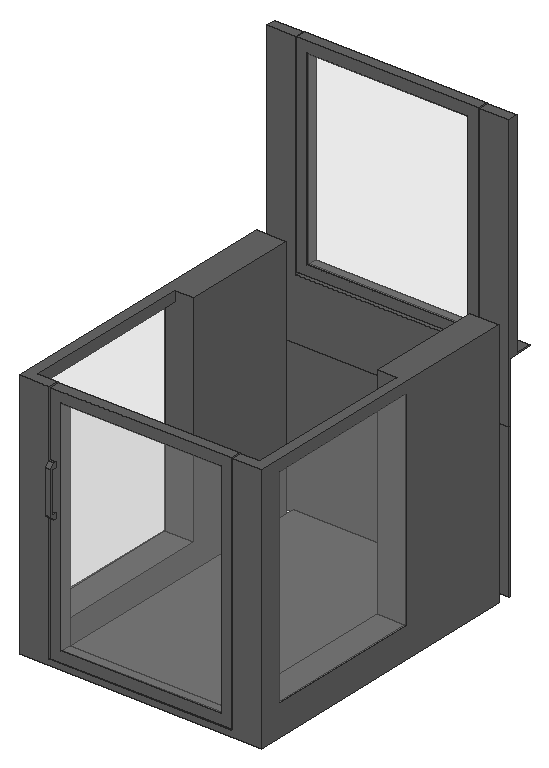
Revit family "Protege5442FG-Permanent-Upper-Landing-Gate", category Specialty Equipment, Revit 2026
Family settings
  Round Connector Dimension = Use Diameter
  Part Type = Normal
  Classification Number = 23.50.05.14.17.11
  Work Plane-Based = No
  Enable Cutting in Views = No
  Always vertical = Yes
  Cut with Voids When Loaded = No
  Maintain Annotation Orientation = No
  Shared = No
  Room Calculation Point = No
Parameters (values of type "5442FG")
  Voltage_MEP = 120 V
  UpperGateStandardHanding [instance] = yes
  UpperGateOpener [instance] = no
  URL = "http://www.wheelchairlift.com/"
  Travel [instance] = 3' - 6"
  Model = "Protege 5442FG"
  Manufacturer = "Ascension, a division of AGM"
  MEP Apparent Power = 1560 VA
  LowerGateStandardHanding [instance] = yes
  LowerGateOpener [instance] = no
  Powder Coat [instance] = Protege 5442 Powder Coat
  Description = "Vertical platform lift for persons with physical disabilities"
  Default Elevation = 0' - 0"
  Assembly Code = "D1010310"
Reference planes (in)
  plane 1 "Center (Front/Back)": y = 0
  plane 2: z = 0
  plane 3 "Center (Left/Right)": x = 0
  plane 4: x = -25.8125
  plane 5: x = 25.8125
  plane 6: y = 0
Forms (in)
  Extrusion 1, solid, material "Protege 5442 Powder Coat" <- "Powder Coat"
    sketch origin (0, 0, 25) x (1, 0, 0) y (0, 0, 1)
      loop
        line (23.8125, 5) -> (-23.8125, 5) -> (-23.8125, -25) -> (23.8125, -25) -> (23.8125, 5)
    from 0 to 0.125
Text (in)
  text "Where hand pump access is required, lift requires 12\" clearance on right side (as viewed standing outside lift at lower landing)." at (30.66733, -32.08142, 0), in view "Ref. Level"
  text "Reference planes show minimum operating clearances.  Lift requires 2\" clearance on each side and 2 1/2\" clearance at the upper landing end." at (30.66733, -3.73767, 0), in view "Ref. Level"
  text "Lower Landing" at (-13.32477, -69.1598, 0), in view "Ref. Level"
  text "Upper Landing" at (-13.32477, 14.29346, 0), in view "Ref. Level"
Dimensions and locks (in)
  "Travel": nested 1 to nested 2
  aligned and locked: level to plane 2
  aligned and locked: Extrusion 1 sketch curve to nested 1
Automatic sketch dimensions
  Extrusion 1 sketch curve to level = 0' - 0"
  Extrusion 1 sketch curve to plane 4 = 0' - 2"
  plane 5 to Extrusion 1 sketch curve = 0' - 2"
Nested families (in)
  nested 1: "20190823 Protege_ULG" at (0, -0.125, 42), StandardHanding <- "UpperGateStandardHanding", built-in parameter 1001364 <- "Travel", Opener <- "UpperGateOpener", type "Protege_ULG"
    with StandardHanding yes, OppositeHanding no, Opener_std no, Opener_opp no, Opener no
  nested 2: "20190823 Protege_5442FX" at (0, -31.625, 0), Opener <- "LowerGateOpener", Standard_Handing <- "LowerGateStandardHanding", type "Protege_5442FX"
    with Standard_Handing yes, Opposite_Handing no, Opener_std no, Opener_opp no, Opener no
Connectors (in)
  electrical at (20.8125, -2.5, 0), driven by "Voltage_MEP", driven by "MEP Apparent Power"
    settings: index 3, voltage 120 V, apparent load 0 VA, apparent load phase1 1560 VA, apparent load phase2 0 VA, apparent load phase3 0 VA, power factor 1, load classification "Other", number of poles 1, system type 31, power factor state 1, is connector primary yes, connector utility no, sub classification motor no, connector description ""
Definition of nested family "20190823 Protege_ULG"
  Parameters (values of type "Protege_ULG")
    URL = "http://www.wheelchairlift.com/"
    StandardHanding [instance] = yes
    Structure = none
    OppositeHanding [instance] = not(StandardHanding)  # no
    Opener_std [instance] = and(StandardHanding, Opener)  # no
    Opener_opp [instance] = and(OppositeHanding, Opener)  # no
    Opener [instance] = no
    Model = "Protégé ULG"
    Manufacturer = "Ascension, a division of AGM"
    Description = "Upper landing gate for Ascension Protégé"
    Default Elevation = 0' - 0"
    Assembly Code = "D1010310"
    Window = none
  Reference planes (in)
    plane 1 "Center (Front/Back)": y = 0
    plane 2: z = 0
    plane 3 "Center (Left/Right)": x = 0
  Forms (in)
    Extrusion 1, solid, material <- "Structure"
      sketch origin (0, 0, 0) x (1, 0, 0) y (0, 1, 0)
        loop
          line (-23.8125, 0) -> (23.8125, 0) -> (23.8125, 2) -> (-23.8125, 2) -> (-23.8125, 0)
      from 0.125 to 42
    Extrusion 2, solid, material <- "Structure"
      sketch origin (0, 0, 0) x (0, 1, 0) y (0, 0, 1)
        loop
          line (0, 0.125) -> (0, -12) -> (0.125, -12) -> (0.125, 0) -> (5.125, 0) -> (5.125, 0.125) -> (0, 0.125)
      from -23.8125 to 23.8125
    Extrusion 3, void
      sketch origin (-0.0625, 0, 0) x (1, 0, 0) y (0, 0, 1)
        loop
          line (-18, 42) -> (-18, 0.125) -> (18.125, 0.125) -> (18.125, 42) -> (-18, 42)
      from 0 to -2
    Extrusion 4, solid, material <- "Structure"
      sketch origin (0, 0, 0) x (1, 0, 0) y (0, 0, 1)
        loop
          line (-17.8125, 42.02538) -> (-17.8125, 0.625) -> (17.8125, 0.625) -> (17.8125, 42.02538) -> (-17.8125, 42.02538)
        loop
          line (-15.8125, 40.02538) -> (-15.8125, 2.625) -> (15.8125, 2.625) -> (15.8125, 40.02538) -> (-15.8125, 40.02538)
      from 0 to -2
    Extrusion 5, solid, material <- "Window"
      sketch origin (0, 0, 0) x (1, 0, 0) y (0, 0, 1)
        loop
          line (-15.75, 40.02538) -> (-15.75, 2.625) -> (15.75, 2.625) -> (15.75, 40.02538) -> (-15.75, 40.02538)
      from 0 to -0.25
    Extrusion 6, solid, material <- "Structure", visible <- "StandardHanding", detail levels medium+fine
      sketch origin (-17.8125, 0, 41.02538) x (0, 0, 1) y (0, 1, 0)
        loop
          line (-8.875, 2.6875) -> (-9.5625, 3.375) -> (-18.1875, 3.375) -> (-18.875, 2.6875) -> (-18.875, 2) -> (-17.875, 2) -> (-17.875, 3) -> (-9.875, 3) -> (-9.875, 2) -> (-8.875, 2) -> (-8.875, 2.6875)
      from -1.04316 to 0
    Extrusion 7, solid, material <- "Structure", visible <- "OppositeHanding", detail levels medium+fine
      sketch origin (17.8125, 0, 41.02538) x (0, 0, 1) y (0, -1, 0)
        loop
          line (-8.875, -2.6875) -> (-8.875, -2) -> (-9.875, -2) -> (-9.875, -3) -> (-17.875, -3) -> (-17.875, -2) -> (-18.875, -2) -> (-18.875, -2.6875) -> (-18.1875, -3.375) -> (-9.5625, -3.375) -> (-8.875, -2.6875)
      from -1.04316 to 0
  Cuts and joins
    Extrusion 3 cuts Extrusion 1
    Extrusion 3 cuts Extrusion 2
    joined: Extrusion 1, Extrusion 2
  Dimensions and locks (in)
    equal spacing: Extrusion 1 sketch curve, plane 3 "Center (Left/Right)", Extrusion 1 sketch curve
    Extrusion 3 sketch curve to Extrusion 1 = 0' - 5 3/4"  (x2)
    cut or joined group of Extrusion 1, Extrusion 2, Extrusion 3 to Extrusion 4 sketch curve = 0' - 0 1/4"  (x2)
    locked: Extrusion 6 sketch curve to Extrusion 6 sketch curve at 10
    locked: Extrusion 7 sketch curve to Extrusion 7 sketch curve at 10
    aligned and locked: level to plane 2
  Nested families (in)
    nested 1: "20190823 gate operator" at (-23.8125, 2, 40.75) x (-1, 0, 0) z (0, 0, 1), visible <- "Opener_opp", type "20190823 gate operator"
    nested 2: "20190823 gate operator" at (23.8125, 2, 40.75), visible <- "Opener_std", type "20190823 gate operator"
  Definition of nested family "20190823 gate operator"
    Parameters (values of type "20190823 gate operator")
      Structure = none
      Default Elevation = 0' - 0"
    Reference planes (in)
      plane 1 "Center (Front/Back)": y = 0
      plane 2: z = 0
      plane 3 "Center (Left/Right)": x = 0
    Forms (in)
      Extrusion 1, solid, material <- "Structure"
        sketch origin (0, -1.93589, -47.7) x (0, 1, 0) y (0, 0, 1)
          loop
            line (1.93589, 47.7) -> (-3.81411, 47.7) -> (-3.81411, 36.2) -> (1.93589, 36.2) -> (1.93589, 47.7)
        from -5.75 to 0
      Extrusion 2, solid, material <- "Structure"
        sketch origin (0, 0, 0) x (0, -1, 0) y (1, 0, 0)
          loop
            line (4.22354, -25.87371) -> (4.22354, -3.52452)
            arc (4.22354, -3.52452) -> (3.84854, -2.125) -> (3.47354, -3.52452) r 0.75
            line (3.47354, -3.52452) -> (3.47354, -25.12371) -> (0.72354, -25.12371) -> (0.72354, -25.87371) -> (3.47354, -25.87371) -> (4.22354, -25.87371)
        from 0 to 0.75
      Extrusion 3, solid, material <- "Structure"
        sketch origin (-23.8125, 29.12646, -46.98852) x (0, 1, 0) y (0, 0, -1)
          loop
            line (-29.125, -48.23852) -> (-29.125, -47.61352) -> (-30.375, -47.61352)
            arc (-30.375, -47.61352) -> (-30.6875, -47.92602) -> (-30.375, -48.23852) r 0.3125
            line (-30.375, -48.23852) -> (-29.125, -48.23852)
        from -15.6875 to 6.3125
    Dimensions and locks (in)
      aligned and locked: level to plane 2
Definition of nested family "20190823 Protege_5442FX"
  Parameters (values of type "Protege_5442FX")
    Voltage_MEP = 120 V
    URL = "http://www.wheelchairlift.com/"
    Structure = none
    Standard_Handing [instance] = yes
    Opposite_Handing [instance] = not(Standard_Handing)  # no
    Opener_std [instance] = and(Standard_Handing, Opener)  # no
    Opener_opp [instance] = and(Opposite_Handing, Opener)  # no
    Opener [instance] = no
    Model = "Protege 5442P"
    Manufacturer = "Ascension, a division of AGM"
    MEP Apparent Power = 1560 VA
    Description = "Vertical platform lift for persons with physical disabilities"
    Default Elevation = 0' - 0"
    Assembly Code = "D1010310"
    Window = none
  Reference planes (in)
    plane 1 "Center (Front/Back)": y = 0
    plane 2: z = 0
    plane 3 "Center (Left/Right)": x = 0
    plane 4: x = -25.8125
    plane 5: x = 25.8125
    plane 6: y = 31.625
  Forms (in)
    Extrusion 1, solid, material <- "Structure"
      sketch origin (0, 0, 0) x (1, 0, 0) y (0, 1, 0)
        loop
          line (-23.8125, 29.125) -> (-23.8125, -29.125) -> (23.8125, -29.125) -> (23.8125, 29.125) -> (-23.8125, 29.125)
      from 0 to 49
    Extrusion 2, void
      sketch origin (0, 0, 49) x (0, 1, 0) y (1, 0, 0)
        loop
          line (29.125, -18.0625) -> (29.125, 18.0625) -> (-29.125, 18.0625) -> (-29.125, -18.0625) -> (29.125, -18.0625)
      from 0 to 48
    Extrusion 3, void
      sketch origin (23.8125, -29.06235, 0) x (0, -1, 0) y (0, 0, 1)
        loop
          line (-3.93589, 47) -> (-35.43589, 47) -> (-35.43589, 6) -> (-3.93589, 6) -> (-3.93589, 47)
      from 0 to 48
    Extrusion 4, void
      sketch origin (0, 0, 49) x (0, 1, 0) y (1, 0, 0)
        loop
          line (6.37354, -21.8125) -> (6.37354, 21.8125) -> (-27.125, 21.8125) -> (-27.125, -21.8125) -> (6.37354, -21.8125)
      from 0 to 43
    Extrusion 5, solid, material <- "Structure"
      sketch origin (-24.17414, -29.125, 0) x (1, 0, 0) y (0, 0, 1)
        loop
          line (6.48664, 49) -> (6.48664, 1.25) -> (41.98664, 1.25) -> (41.98664, 49) -> (6.48664, 49)
        loop
          line (39.98664, 47) -> (8.48664, 47) -> (8.48664, 3.25) -> (39.98664, 3.25) -> (39.98664, 47)
      from 0 to -2
    Extrusion 6, solid, material <- "Window"
      sketch origin (-36.19252, -29.125, -23.75923) x (1, 0, 0) y (0, 0, 1)
        loop
          line (20.50502, 70.75923) -> (20.50502, 27.00923) -> (52.00502, 27.00923) -> (52.00502, 70.75923) -> (20.50502, 70.75923)
      from 0 to -0.25
    Extrusion 7, solid, material <- "Window"
      sketch origin (23.8125, -31.06089, 0) x (0, 1, 0) y (0, 0, 1)
        loop
          line (5.93443, 47) -> (5.93443, 6) -> (37.43443, 6) -> (37.43443, 47) -> (5.93443, 47)
      from 0 to -0.25
    Extrusion 8, solid, material <- "Window"
      sketch origin (-23.8125, 31.93911, 0) x (0, -1, 0) y (0, 0, 1)
        loop
          line (25.56557, 47) -> (25.56557, 6) -> (57.06557, 6) -> (57.06557, 47) -> (25.56557, 47)
      from 0 to -0.25
    Extrusion 9, solid, material <- "Structure", visible <- "Standard_Handing", detail levels medium+fine
      sketch origin (0, 0, 0) x (0, 1, 0) y (0, 0, 1)
        loop
          line (-29.125, 36.25) -> (-29.75, 36.25) -> (-30.5, 35.5) -> (-30.5, 27) -> (-29.75, 26.25) -> (-29.125, 26.25) -> (-29.125, 27.25) -> (-30.125, 27.25) -> (-30.125, 35.25) -> (-29.125, 35.25) -> (-29.125, 36.25)
      from -17.6875 to -16.6875
    Extrusion 10, solid, material <- "Structure", visible <- "Opposite_Handing", detail levels medium+fine
      sketch origin (0, 0, 0) x (0, 1, 0) y (0, 0, -1)
        loop
          line (-29.125, -36.25) -> (-29.125, -35.25) -> (-30.125, -35.25) -> (-30.125, -27.25) -> (-29.125, -27.25) -> (-29.125, -26.25) -> (-29.75, -26.25) -> (-30.5, -27) -> (-30.5, -35.5) -> (-29.75, -36.25) -> (-29.125, -36.25)
      from -17.6875 to -16.6875
    Extrusion 11, solid, material <- "Structure"
      sketch origin (0, 0, 0) x (0, 1, 0) y (0, 0, 1)
        loop
          line (29.125, 1) -> (29.125, 0.875) -> (30.75, 0.875) -> (30.75, 0.25) -> (30.875, 0.25) -> (30.875, 1) -> (29.125, 1)
      from -18.0625 to 18.0625
    Extrusion 12, solid, material <- "Structure", visible <- "Opener_std"
      sketch origin (23.8125, -34.875, 47.75) x (0, 0, -1) y (0, 1, 0)
        loop
          line (11.5, 0) -> (21.87327, 5.75) -> (11.5, 5.75) -> (11.5, 0)
      from 0 to -5.75
    Extrusion 13, solid, material <- "Structure", visible <- "Opener_opp"
      sketch origin (-23.6875, -34.875, 47.75) x (0, 0, -1) y (0, -1, 0)
        loop
          line (11.5, 0) -> (11.5, -5.75) -> (21.87327, -5.75) -> (11.5, 0)
      from 0 to -5.75
  Cuts and joins
    Extrusion 2, Extrusion 3, Extrusion 4 cuts Extrusion 1
    joined: Extrusion 1, Extrusion 11
  Text (in)
    text "Reference planes show minimum operating clearances.  Lift requires 2\" clearance on each side and 2 1/2\" clearance at the upper landing end." at (32.70236, 31.47379, 0), in view "Ref. Level"
    text "Where hand pump access is required, lift requires 12\" clearance on right side (as viewed standing outside lift at lower landing)." at (32.70236, -5.66538, 0), in view "Ref. Level"
    text "Lower Landing" at (-11.28975, -39.57053, 0), in view "Ref. Level"
    text "Upper Landing" at (-11.28975, 43.88273, 0), in view "Ref. Level"
  Dimensions and locks (in)
    equal spacing: Extrusion 1 sketch curve, plane 3 "Center (Left/Right)", Extrusion 1 sketch curve
    equal spacing: Extrusion 1 sketch curve, plane 1 "Center (Front/Back)", Extrusion 1 sketch curve
    locked: Extrusion 1 sketch curve to Extrusion 1 sketch curve at 47.625
    Extrusion 2 sketch curve to Extrusion 1 = 0' - 5 3/4"
    Extrusion 1 to Extrusion 2 sketch curve = 0' - 5 3/4"
    Extrusion 3 sketch curve to cut or joined group of Extrusion 1, Extrusion 2, Extrusion 3, Extrusion 4, Extrusion 11 = 0' - 2"
    Extrusion 3 sketch curve to cut or joined group of Extrusion 1, Extrusion 2, Extrusion 3, Extrusion 4, Extrusion 11 = 0' - 3.99854"
    Extrusion 3 sketch curve to cut or joined group of Extrusion 1, Extrusion 2, Extrusion 3, Extrusion 4, Extrusion 11 = 0' - 6"
    Extrusion 3 sketch curve to Extrusion 3 sketch curve = 2' - 7 1/2"
    Extrusion 4 sketch curve to cut or joined group of Extrusion 1, Extrusion 2, Extrusion 3, Extrusion 4, Extrusion 11 = 0' - 2"  (x2)
    cut or joined group of Extrusion 1, Extrusion 2, Extrusion 3, Extrusion 4, Extrusion 11 to Extrusion 4 sketch curve = 0' - 2"
    Extrusion 4 sketch curve to Extrusion 4 sketch curve = 2' - 9.49854"
    locked: Extrusion 5 sketch curve to Extrusion 5 sketch curve at 35.5
    Extrusion 5 sketch curve to Extrusion 5 sketch curve = 3' - 11 3/4"
    Extrusion 5 sketch curve to Extrusion 5 sketch curve = 2' - 11 1/2"
    cut or joined group of Extrusion 1, Extrusion 2, Extrusion 3, Extrusion 4, Extrusion 11 to Extrusion 5 sketch curve = 0' - 0 1/4"
    aligned and locked: level to plane 2
  Nested families (in)
    nested 1: "20190823 gate operator" at (23.8125, -29.125, 47.75), visible <- "Opener_std", type "20190823 gate operator"
    nested 2: "20190823 gate operator" at (-23.6875, -29.125, 47.75) x (-1, 0, 0) z (0, 0, 1), visible <- "Opener_opp", type "20190823 gate operator"
  Connectors (in)
    electrical at (23.8125, 29.12407, 0), driven by "Voltage_MEP", driven by "MEP Apparent Power"
      settings: index 3, voltage 120 V, apparent load 0 VA, apparent load phase1 1560 VA, apparent load phase2 0 VA, apparent load phase3 0 VA, power factor 1, load classification none, number of poles 1, system type 31, power factor state 1, is connector primary yes, connector utility no, sub classification motor no, connector description ""
  Definition of nested family "20190823 gate operator"
    Parameters (values of type "20190823 gate operator")
      Structure = none
      Default Elevation = 0' - 0"
    Reference planes (in)
      plane 1 "Center (Front/Back)": y = 0
      plane 2: z = 0
      plane 3 "Center (Left/Right)": x = 0
    Forms (in)
      Extrusion 1, solid, material <- "Structure"
        sketch origin (0, -1.93589, -47.7) x (0, 1, 0) y (0, 0, 1)
          loop
            line (1.93589, 47.7) -> (-3.81411, 47.7) -> (-3.81411, 36.2) -> (1.93589, 36.2) -> (1.93589, 47.7)
        from -5.75 to 0
      Extrusion 2, solid, material <- "Structure"
        sketch origin (0, 0, 0) x (0, -1, 0) y (1, 0, 0)
          loop
            line (4.22354, -25.87371) -> (4.22354, -3.52452)
            arc (4.22354, -3.52452) -> (3.84854, -2.125) -> (3.47354, -3.52452) r 0.75
            line (3.47354, -3.52452) -> (3.47354, -25.12371) -> (0.72354, -25.12371) -> (0.72354, -25.87371) -> (3.47354, -25.87371) -> (4.22354, -25.87371)
        from 0 to 0.75
      Extrusion 3, solid, material <- "Structure"
        sketch origin (-23.8125, 29.12646, -46.98852) x (0, 1, 0) y (0, 0, -1)
          loop
            line (-29.125, -48.23852) -> (-29.125, -47.61352) -> (-30.375, -47.61352)
            arc (-30.375, -47.61352) -> (-30.6875, -47.92602) -> (-30.375, -48.23852) r 0.3125
            line (-30.375, -48.23852) -> (-29.125, -48.23852)
        from -15.6875 to 6.3125
    Dimensions and locks (in)
      aligned and locked: level to plane 2
